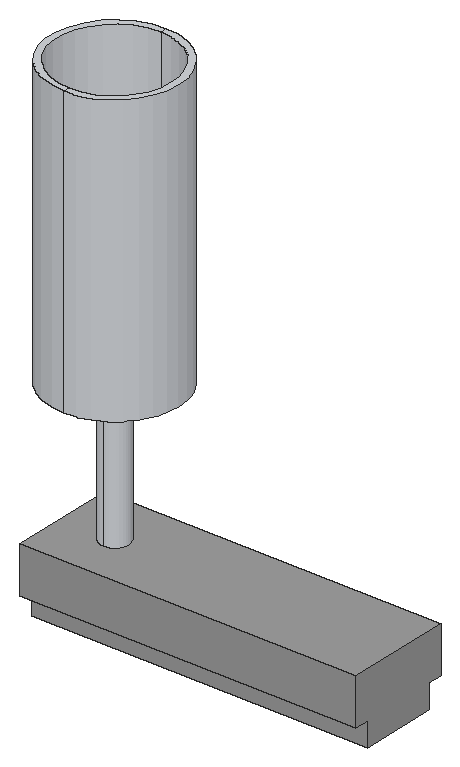
Revit family "Alcon - 15100_Small Spot-Linear", category Generic Models, host Face, Revit 2025
Family settings
  Host = Face
  Can host rebar = No
  Round Connector Dimension = Use Diameter
  Part Type = Normal
  Cut with Voids When Loaded = No
  Maintain Annotation Orientation = No
  Shared = No
  Room Calculation Point = No
Parameters
  HOUSING = Default
  Fixture Rotation = 90.00°
  Default Elevation = 4' - 0"
Reference planes (in)
  plane 1 "Center (Front/Back)": y = 0
  plane 2: z = 0
  plane 3 "Center (Left/Right)": x = 0
Forms (in)
  Extrusion 1, solid, material "Default" <- "HOUSING"
    sketch origin (-0.64495, -6.99033, 6.35123) x (0, -1, 0) y (0, 0, -1)
      loop
        line (-6.34033, 5.36282) -> (-6.34033, 5.93211) -> (-6.51937, 5.93211) -> (-6.51937, 6.23212) -> (-7.46129, 6.23212) -> (-7.46129, 5.93211) -> (-7.64033, 5.93211) -> (-7.64033, 5.36282) -> (-6.34033, 5.36282)
    from 0 to 4.13
  Extrusion 2, solid
    sketch origin (-0.64495, -0.65, 0.98841) x (0, 1, 0) y (-1, 0, 0)
      loop
        circle (0.65, -0.64495) r 0.17498
    from 0 to 2.23276
Lines and regions (in)
  reference lines
    curve 1: line (0, -2.06467, 3.11287) -> (0, 2.25, 3.11287)
Dimensions and locks (in)
  "Fixture Rotation": angle nested 1 to curve 1
  aligned and locked: plane 2 to host face
  aligned and locked: level to host face
Automatic sketch dimensions
  host sketch curve to host sketch curve = 8' - 0"  (x2)
  Extrusion 1 sketch curve to plane 1 "Center (Front/Back)" = 0' - 0.65"
  level to Extrusion 1 sketch curve = 0' - 0.11911"
  Extrusion 1 sketch curve to Extrusion 1 sketch curve = 0' - 0.17904"  (x2)
  plane 1 "Center (Front/Back)" to Extrusion 1 sketch curve = 0' - 0.47096"
  Extrusion 1 sketch curve to Extrusion 1 sketch curve = 0' - 0.30001"  (x2)
  Extrusion 1 sketch curve to Extrusion 1 sketch curve = 0' - 0.56929"
  Extrusion 2 sketch curve to Extrusion 1 = 0' - 0.65"
  Extrusion 1 to Extrusion 2 sketch curve = 0' - 0.64495"
  plane 1 "Center (Front/Back)" to curve 1 = 0' - 2.06467"
  level to curve 1 = 0' - 3.11287"
  curve 1 to plane 1 "Center (Front/Back)" = 0' - 2 1/4"
  radius of Extrusion 2 sketch curve = 0' - 0.17498"
Nested families (in)
  nested 1: "Alcon - 15100_Small Spot-Linear_Cylider" at (0, 0, 3.11287) x (0, 0, -1) z (1, 0, 0), type "Alcon - 15100_Small Spot-Linear_Cylider"
    with built-in parameter 1001306 0.20833 (stored number, unit not read)
Definition of nested family "Alcon - 15100_Small Spot-Linear_Cylider"
  Parameters (values of type "Alcon - 15100_Small Spot-Linear_Cylider")
    Wattage = 9.2903 W
    built-in parameter 1150110 = 1 (stored number, unit not read)
    built-in parameter 1114217 = 1 (stored number, unit not read)
    Tilt Angle = 60.00°
    built-in parameter 1150109 = 1 (stored number, unit not read)
    built-in parameter 1150134 = 3
    built-in parameter 1150113 = 1 (stored number, unit not read)
    built-in parameter 1010507 = 1.5708 (stored number, unit not read)
    built-in parameter 1010506 = 0.5236 (stored number, unit not read)
    built-in parameter 1150105 = 4614.1 (stored number, unit not read)
    Lumens = 1380 lm
    built-in parameter 1150115 = 1 (stored number, unit not read)
    Light Source Symbol Length = 10' - 0"
    built-in parameter 1150137 = (empty or 0)
    built-in parameter 1150139 = (empty or 0)
    built-in parameter 1001306 [instance] = 4' - 0"
    built-in parameter 1150112 = 1 (stored number, unit not read)
    built-in parameter 1150114 = 1 (stored number, unit not read)
    built-in parameter 1150132 = (empty or 0)
    built-in parameter 1150102 = (empty or 0)
    built-in parameter 1150107 = 3200 (stored number, unit not read)
    built-in parameter 1150138 = (empty or 0)
    built-in parameter 1150106 = 46.141 (stored number, unit not read)
    Housing = none
    built-in parameter 1150104 = 13.8 (stored number, unit not read)
    Dimming Lamp Color Temperature Shift = (empty or 0)
    Default Elevation = 0' - 0"
    Color Filter = 16777215
    built-in parameter 1114218 = 1 (stored number, unit not read)
    built-in parameter 1150133 = 10 (stored number, unit not read)
  Reference planes (in)
    plane 1 "Center (Front/Back)": y = 0
    plane 2: z = 0
    plane 3 "Left": x = 0
    plane 4 "Right": x = 48
  Forms (in)
    Revolve 1, solid, material <- "Housing"
      sketch origin (-3.14623, 0, 0) x (1, 0, 0) y (0, 1, 0)
        loop
          line (0, 0.785) -> (0, 0.70297) -> (1.66299, 0.70297) -> (1.66299, 0) -> (3.54, 0) -> (3.54, 0.785) -> (0, 0.785)
        axis (0, 0) -> (3.54, 0)
      angle from 0 to 360
    Extrusion 2, void
      sketch origin (0, 0, -0.02749) x (1, 0, 0) y (0, 0, 1)
        loop
          line (-0.159, 0.22116) -> (-0.159, -0.16617) -> (0.39377, -0.16617) -> (0.39377, 0.22116) -> (-0.159, 0.22116)
      from 0.26773 to -0.8235
  Cuts and joins
    Extrusion 2 cuts Revolve 1
  Lines and regions (in)
    reference lines
      curve 1: line (0, 0, 0) -> (48, 0, 0)
    model lines
      curve 2: line (0, 0, 0) -> (-14.65601, 0, 0)
  Dimensions and locks (in)
    "built-in parameter 1001306": plane 3 "Left" to plane 4 "Right"
    aligned and locked: plane 4 "Right" to curve 1
    aligned and locked: plane 1 "Center (Front/Back)" to curve 1
    aligned and locked: plane 3 "Left" to curve 1
    aligned and locked: level to plane 2
  Automatic sketch dimensions
    Revolve 1 sketch curve to plane 3 "Left" = 0' - 3.14623"
    plane 1 "Center (Front/Back)" to Revolve 1 sketch curve = 0' - 0"  (x2)
    Revolve 1 sketch curve to plane 3 "Left" = 0' - 1.48324"
    Revolve 1 sketch curve to Revolve 1 sketch curve = 0' - 1.87701"
    Revolve 1 sketch curve to plane 1 "Center (Front/Back)" = 0' - 0.70297"
    Revolve 1 sketch curve to Revolve 1 sketch curve = 0' - 0 21/256"
    Revolve 1 sketch curve to plane 3 "Left" = 0' - 2.99855"
    Revolve 1 sketch curve to Revolve 1 sketch curve = 0' - 0.23469"
    plane 1 "Center (Front/Back)" to curve 2 = 0' - 0"
    curve 2 to plane 3 "Left" = 0' - 0"
    curve 2 to curve 2 = 1' - 2.65601"
    Extrusion 2 sketch curve to plane 3 "Left" = 0' - 0.159"
    Extrusion 2 sketch curve to level = 0' - 0.19366"
    plane 3 "Left" to Extrusion 2 sketch curve = 0' - 0.39377"
    level to Extrusion 2 sketch curve = 0' - 0.19366"
